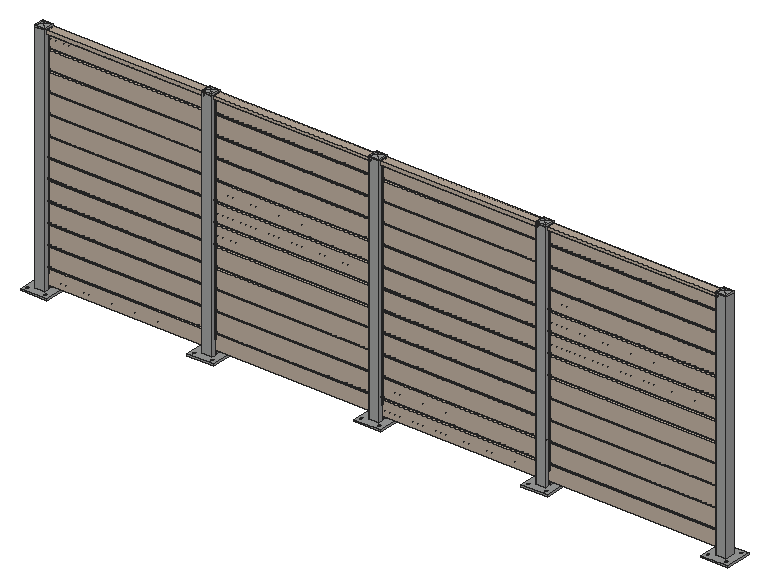
Revit family "Screening-Louver-Assembly-Array-Palmshield-Mercury_Economic-Solid-Aluminum", category Specialty Equipment, Revit 2021 (continued)
Definition of nested family "Nested-Square_Post-Palmshield-Mercury_Economic-Solid-Vinyl"
  Forms (in)
    Extrusion 4, solid, material <- "Material", visible <- "End Post"
      sketch origin (0, 0, 0) x (1, 0, 0) y (0, 1, 0)
        loop
          line (1.4375, 1.4375) -> (-1.4375, 1.4375) -> (-1.4375, 0.5625) -> (-0.9375, 0.5625) -> (-0.9375, -0.5625) -> (-1.4375, -0.5625) -> (-1.4375, -1.4375) -> (1.4375, -1.4375) -> (1.4375, 1.4375)
      from 0 to 52.86713
    Extrusion 5, void
      sketch origin (0, 0, 0) x (1, 0, 0) y (0, 1, 0)
        loop
          line (-1.5, 1.5) -> (-1.5, -1.5) -> (1.5, -1.5) -> (1.5, 1.5) -> (-1.5, 1.5)
        loop
          line (-2.25, 2.25) -> (-2.25, -2.25) -> (2.25, -2.25) -> (2.25, 2.25) -> (-2.25, 2.25)
      from -0.5 to 4.5
    Extrusion 6, solid, material <- "Material", visible <- "Corner Post Down"
      sketch origin (0, 0, 0) x (1, 0, 0) y (0, 1, 0)
        loop
          line (1.5, -1.5) -> (1.5, 1.5) -> (-1.5, 1.5) -> (-1.5, 0.5625) -> (-2, 0.5625) -> (-2, 0.5) -> (-1, 0.5) -> (-1, -0.5) -> (-2, -0.5) -> (-2, -0.5625) -> (-1.5, -0.5625) -> (-1.5, -1.5) -> (-0.5625, -1.5) -> (-0.5625, -2) -> (-0.5, -2) -> (-0.5, -1) -> (0.5, -1) -> (0.5, -2) -> (0.5625, -2) -> (0.5625, -1.5) -> (1.5, -1.5)
        loop
          line (-1.4375, -1.4375) -> (-0.5625, -1.4375) -> (-0.5625, -0.9375) -> (0.5625, -0.9375) -> (0.5625, -1.4375) -> (1.4375, -1.4375) -> (1.4375, 1.4375) -> (-1.4375, 1.4375) -> (-1.4375, 0.5625) -> (-0.9375, 0.5625) -> (-0.9375, -0.5625) -> (-1.4375, -0.5625) -> (-1.4375, -1.4375)
      from 0 to 52.86713
  Cuts and joins
    Extrusion 5 cuts Extrusion 3
    Extrusion 5 cuts Extrusion 2
    Extrusion 5 cuts Extrusion 4
    Extrusion 5 cuts Extrusion 6
  Lines and regions (in)
    reference lines
      curve 1: line (-3.81017, 0, -0.5) -> (3.68983, 0, -0.5)
      curve 2: line (-3.81017, 0, 4.5) -> (3.68983, 0, 4.5)
  Dimensions and locks (in)
    "Length": plane 4 to plane 2
    locked: plane 4 to plane 5 at 3
    locked: plane 2 to curve 1 at 0.5
    locked: curve 2 to curve 1 at 5
    aligned and locked: plane 2 to Extrusion 1
    aligned and locked: level to Extrusion 1
    aligned and locked: plane 4 to Extrusion 2
    aligned and locked: plane 4 to Extrusion 3
    aligned and locked: plane 4 to Extrusion 4
    aligned and locked: curve 1 to Extrusion 5
    aligned and locked: Extrusion 5 to curve 2
    aligned and locked: plane 4 to Extrusion 6
    aligned and locked: Extrusion 6 to plane 2
  Automatic sketch dimensions
    Extrusion 1 sketch curve to Extrusion 1 sketch curve = 8' - 0"  (x2)
    curve 2 to plane 6 = 0' - 2.31017"
    curve 1 to plane 6 = 0' - 2.31017"
    plane 7 to curve 2 = 0' - 2.18983"
    plane 7 to curve 1 = 0' - 2.18983"
    Extrusion 2 sketch curve to plane 6 = 0' - 0"  (x2)
    Extrusion 2 sketch curve to plane 7 = 0' - 0"  (x2)
    Extrusion 2 sketch curve to plane 9 = 0' - 0"
    Extrusion 2 sketch curve to plane 8 = 0' - 0"
    Extrusion 2 sketch curve to plane 6 = 0' - 0 1/2"  (x2)
    Extrusion 2 sketch curve to Extrusion 2 sketch curve = 0' - 0 1/16"  (x7)
    plane 6 to Extrusion 2 sketch curve = 0' - 0 1/16"
    Extrusion 2 sketch curve to Extrusion 2 sketch curve = 0' - 0 7/16"
    Extrusion 2 sketch curve to plane 7 = 0' - 0 9/16"
    Extrusion 2 sketch curve to plane 7 = 0' - 0 1/16"  (x2)
    plane 7 to Extrusion 2 sketch curve = 0' - 0 1/2"  (x2)
    plane 9 to Extrusion 2 sketch curve = 0' - 0 1/16"
    plane 1 "Center (Front/Back)" to Extrusion 2 sketch curve = 0' - 0 9/16"  (x4)
    Extrusion 2 sketch curve to plane 1 "Center (Front/Back)" = 0' - 0 1/2"  (x2)
    Extrusion 2 sketch curve to Extrusion 2 sketch curve = 0' - 0"  (x2)
    Extrusion 2 sketch curve to plane 8 = 0' - 0 1/16"
    Extrusion 3 sketch curve to plane 6 = 0' - 0"  (x2)
    Extrusion 3 sketch curve to plane 8 = 0' - 0"  (x2)
    Extrusion 3 sketch curve to plane 7 = 0' - 0"
    Extrusion 3 sketch curve to plane 9 = 0' - 0"
    Extrusion 3 sketch curve to plane 6 = 0' - 0 1/2"
    Extrusion 3 sketch curve to Extrusion 3 sketch curve = 0' - 0 1/2"
    plane 6 to Extrusion 3 sketch curve = 0' - 0 1/16"  (x2)
    Extrusion 3 sketch curve to Extrusion 3 sketch curve = 0' - 0 7/16"
    Extrusion 3 sketch curve to Extrusion 3 sketch curve = 0' - 0 1/16"  (x9)
    Extrusion 3 sketch curve to plane 3 "Center (Left/Right)" = 0' - 0 9/16"
    Extrusion 3 sketch curve to Extrusion 3 sketch curve = 0' - 0 3/8"  (x2)
    plane 3 "Center (Left/Right)" to Extrusion 3 sketch curve = 0' - 0 1/2"
    Extrusion 3 sketch curve to plane 8 = 0' - 0 1/16"
    Extrusion 3 sketch curve to plane 7 = 0' - 0 1/16"
    plane 9 to Extrusion 3 sketch curve = 0' - 0 1/16"
    plane 1 "Center (Front/Back)" to Extrusion 3 sketch curve = 0' - 0 9/16"
    Extrusion 3 sketch curve to Extrusion 3 sketch curve = 0' - 0"
    Extrusion 3 sketch curve to plane 1 "Center (Front/Back)" = 0' - 0 1/2"
    plane 8 to Extrusion 3 sketch curve = 0' - 0 1/2"  (x2)
    Extrusion 4 sketch curve to plane 6 = 0' - 0"  (x2)
    Extrusion 4 sketch curve to plane 7 = 0' - 0"
    Extrusion 4 sketch curve to plane 9 = 0' - 0"
    Extrusion 4 sketch curve to plane 8 = 0' - 0"
    Extrusion 4 sketch curve to Extrusion 4 sketch curve = 0' - 0 1/2"
    Extrusion 4 sketch curve to plane 6 = 0' - 0 1/2"
    plane 6 to Extrusion 4 sketch curve = 0' - 0 1/16"  (x2)
    Extrusion 4 sketch curve to Extrusion 4 sketch curve = 0' - 0 7/16"
    Extrusion 4 sketch curve to Extrusion 4 sketch curve = 0' - 0 1/16"  (x3)
    Extrusion 4 sketch curve to plane 7 = 0' - 0 1/16"
    plane 9 to Extrusion 4 sketch curve = 0' - 0 1/16"
    plane 1 "Center (Front/Back)" to Extrusion 4 sketch curve = 0' - 0 9/16"
    Extrusion 4 sketch curve to Extrusion 4 sketch curve = 0' - 0"  (x2)
    Extrusion 4 sketch curve to plane 1 "Center (Front/Back)" = 0' - 0 1/2"
    Extrusion 4 sketch curve to plane 8 = 0' - 0 1/16"
    Extrusion 5 sketch curve to plane 6 = 0' - 0"
    Extrusion 5 sketch curve to plane 7 = 0' - 0"
    Extrusion 5 sketch curve to plane 9 = 0' - 0"
    Extrusion 5 sketch curve to plane 8 = 0' - 0"
    Extrusion 5 sketch curve to plane 6 = 0' - 0 3/4"
    plane 7 to Extrusion 5 sketch curve = 0' - 0 3/4"
    Extrusion 5 sketch curve to plane 9 = 0' - 0 3/4"
    plane 8 to Extrusion 5 sketch curve = 0' - 0 3/4"
    Extrusion 6 sketch curve to plane 6 = 0' - 0"  (x2)
    Extrusion 6 sketch curve to plane 9 = 0' - 0"  (x2)
    Extrusion 6 sketch curve to plane 7 = 0' - 0"
    Extrusion 6 sketch curve to plane 8 = 0' - 0"
    Extrusion 6 sketch curve to plane 6 = 0' - 0 1/2"
    Extrusion 6 sketch curve to Extrusion 6 sketch curve = 0' - 0 1/2"  (x2)
    plane 6 to Extrusion 6 sketch curve = 0' - 0 1/16"  (x2)
    Extrusion 6 sketch curve to Extrusion 6 sketch curve = 0' - 0 7/16"  (x2)
    Extrusion 6 sketch curve to Extrusion 6 sketch curve = 0' - 0 1/16"  (x8)
    Extrusion 6 sketch curve to plane 3 "Center (Left/Right)" = 0' - 0 9/16"
    Extrusion 6 sketch curve to Extrusion 6 sketch curve = 0' - 0 3/8"  (x2)
    plane 3 "Center (Left/Right)" to Extrusion 6 sketch curve = 0' - 0 1/2"
    plane 9 to Extrusion 6 sketch curve = 0' - 0 1/16"  (x2)
    Extrusion 6 sketch curve to plane 7 = 0' - 0 1/16"
    Extrusion 6 sketch curve to plane 9 = 0' - 0 1/2"
    Extrusion 6 sketch curve to Extrusion 6 sketch curve = 0' - 0"
    Extrusion 6 sketch curve to plane 1 "Center (Front/Back)" = 0' - 0 1/2"
    Extrusion 6 sketch curve to plane 8 = 0' - 0 1/16"
Definition of nested family "Screening-Louver-Assembly-Panel-Palmshield-Mercury_Economic-Solid-Aluminum"
  Parameters (values of type "Assembly")
    Width [instance] = if(Desired Overall Width < C Min Width, C Min Width, if(Desired Overall Width > C Max Width, C Max Width, Desired Overall Width))  # 4' - 0"
    Warranty URL = "https://palmshieldlouvers.com/wp-content/uploads/2020/01/PalmSHIELD-Warranty-NO-SIGN-LINE.pdf"
    Version = "2020 - v1.0a"  # constant formula
    URL = "https://palmshieldlouvers.com/"
    Product Page URL = "https://palmshieldlouvers.com/products/mercury-eco-solid/"
    Product Documentation Link = "https://palmshieldlouvers.com/wp-content/uploads/2022/01/PalmSHIELD-Mercury-Solid-Composite-Infill-Architectural-Screening-Specifications.doc"
    Offset From Surface = 0' - 2"  # constant formula
    Model = "Mercury Economic Solid - Aluminum"  # constant formula
    Material = none
    Manufacturer Phone Number = "531-329-4406 "  # constant formula
    Manufacturer Email = "mailto: info@palmshieldlouvers.com"
    Manufacturer Address = "12330 Cary Circle, La Vista, NE 68128"  # constant formula
    Manufacturer = "PalmSHIELD"  # constant formula
    Louver Finish = none
    Keynote = "05 10 00"
    Instruction Sheet Link = "https://palmshieldlouvers.com/wp-content/uploads/2020/02/PalmSHIELD-Element-Screening-Installation-Instructions.pdf"
    ID [instance] = "Not Assigned"
    Height [instance] = if(Desired Overall Height < C Min Height, C Min Height, if(Desired Overall Height > C Max Height, C Max Height, Desired Overall Height))  # 6' - 0"
    Desired Overall Width [instance] = 4' - 0"
    Desired Overall Height [instance] = 6' - 0"
    Desired Bottom Angle [instance] = 0.00°
    Description = "Mercury Economic Solid - Aluminum - Panel Assembly"  # constant formula
    Default Elevation = 0' - 0"
    Copyright = "Copyright ©2024 The American Fence Company and PalmSHIELD. All Rights Reserved."  # constant formula
    Component Vis [instance] = yes
    Component Name [instance] = "Mercury Economic Solid - Aluminum - Panel Assembly"  # constant formula
    C Min Width [instance] = 4' - 0"  # constant formula
    C Min Height [instance] = C Min Width  # 4' - 0"
    C Max Width [instance] = 6' - 0"  # constant formula
    C Max Height [instance] = 8' - 0"  # constant formula
    C Angle [instance] = if(Desired Bottom Angle > 10.00°, 10.00°, if(Desired Bottom Angle < -10.00°, -10.00°, Desired Bottom Angle))  # 0.00°
    Assembly Code = "F1020100"
  Reference planes (in)
    plane 1 "Center (Front/Back)": y = 0
    plane 2: z = 0
    plane 3 "Center (Left/Right)": x = 0
    plane 4: z = 72
    plane 5: x = 48
    plane 6: y = 3
    plane 7: y = 1.5
  Lines and regions (in)
    reference lines
      curve 1: line (48, 0, 96.95698) -> (48, 0, -11)
      curve 2: line (-20.8931, 0, 72) -> (71.1069, 0, 72)
  Dimensions and locks (in)
    "Desired Overall Height": curve 2 to level
    "Desired Overall Width": curve 1 to plane 3 "Center (Left/Right)"
    "Height": plane 4 to level
    "Width": plane 5 to plane 3 "Center (Left/Right)"
    equal spacing: plane 1 "Center (Front/Back)", plane 7, plane 6
    aligned and locked: plane 2 to level
  Automatic sketch dimensions
    curve 2 to plane 3 "Center (Left/Right)" = 1' - 8.8931"
    plane 5 to curve 2 = 1' - 11.1069"
    curve 1 to level = 0' - 11"
    plane 4 to curve 1 = 2' - 0.95698"
  Nested families (in)
    nested 1: "Screening-Louver-Assembly-Panel-Palmshield-Mercury_Economic-Solid-Aluminum" at (0, -1.25, 0), Desired Overall Height <- "Desired Overall Height", Desired Overall Width <- "Desired Overall Width", ID <- "ID", Height <- "Height", Width <- "Width", Component Vis <- "Component Vis", type ""
      with Width 4' - 0", Louver Length 4' - 1", ID "Not Assigned", Height 6' - 0", Desired Overall Width 4' - 0", Desired Overall Height 6' - 0", Component Vis yes, Component Name "Mercury Economic Solid - Panel Assembly - Aluminum", C Top Post Length 4' - 0", C Straight Corner Angle 45.00°, C Slope Angle 0.00°, C Side Frame Width 0' - 0 7/8", C Side Adjustment 0' - 0", C Rib Thickness Bottom Offset 0' - 0", C Rib Bottom Side Offset 0' - 0", C Louver Prelim Length 5' - 0", C Louver Offset 0' - 0 1/8", C Louver Count Prelim 10, C Hip 4' - 0", C Frame Offset 0' - 0 3/8", C Desired Bottom Angle 0.00°, C Bottom Piece Cut 0' - 2 3/8", C Bottom Cut In Place Vis yes, C Bottom Cut Height Real 0' - 4 5/8", C Bottom Cut Height 0' - 4 5/8", C B-Side Post Length 6' - 0", C B-Side Angle 45.00°, C Angle 90.00°, C A-Side Post Length 6' - 0", C A-Side Angle 45.00°
    nested 2: "Nested-Louvers-Palmshield-Mercury_Economic-Solid-Aluminum" at (-0.5, 0, 6.625) x (0, 1, 0) z (1, 0, 0), type ""
      with Material none, Length 4' - 1", ID "Not Assigned", Field Cut no, Desired Cut Distance 0' - 1 3/4", Component Name "Mercury Economic Solid - Aluminum - Louvers", C Cut Distance 0' - 0 3/4"
    nested 3: "Nested-Louvers-Palmshield-Mercury_Economic-Solid-Aluminum" at (-0.5, 0, 36.625) x (0, 1, 0) z (1, 0, 0), type ""
      with Material none, Length 4' - 1", ID "Not Assigned", Field Cut no, Desired Cut Distance 0' - 1 3/4", Component Name "Mercury Economic Solid - Aluminum - Louvers", C Cut Distance 0' - 0 3/4"
    nested 4: "Nested-Louvers-Palmshield-Mercury_Economic-Solid-Aluminum" at (-0.5, 0, 42.625) x (0, 1, 0) z (1, 0, 0), type ""
      with Material none, Length 4' - 1", ID "Not Assigned", Field Cut no, Desired Cut Distance 0' - 1 3/4", Component Name "Mercury Economic Solid - Aluminum - Louvers", C Cut Distance 0' - 0 3/4"
    nested 5: "Nested-Louvers-Palmshield-Mercury_Economic-Solid-Aluminum" at (-0.5, 0, 48.625) x (0, 1, 0) z (1, 0, 0), type ""
      with Material none, Length 4' - 1", ID "Not Assigned", Field Cut no, Desired Cut Distance 0' - 1 3/4", Component Name "Mercury Economic Solid - Aluminum - Louvers", C Cut Distance 0' - 0 3/4"
    nested 6: "Nested-Louvers-Palmshield-Mercury_Economic-Solid-Aluminum" at (-0.5, 0, 54.625) x (0, 1, 0) z (1, 0, 0), type ""
      with Material none, Length 4' - 1", ID "Not Assigned", Field Cut no, Desired Cut Distance 0' - 1 3/4", Component Name "Mercury Economic Solid - Aluminum - Louvers", C Cut Distance 0' - 0 3/4"
    nested 7: "Nested-Louvers-Palmshield-Mercury_Economic-Solid-Aluminum" at (-0.5, 0, 60.625) x (0, 1, 0) z (1, 0, 0), type ""
      with Material none, Length 4' - 1", ID "Not Assigned", Field Cut no, Desired Cut Distance 0' - 1 3/4", Component Name "Mercury Economic Solid - Aluminum - Louvers", C Cut Distance 0' - 0 3/4"
    nested 8: "Nested-U_Channel-Palmshield-Mercury_Economic-Solid-Aluminum" at (-0.5, 0, 72) x (0, 1, 0) z (1, 0, 0), type ""
      with Material none, Length 4' - 1", ID "Not Assigned", Component Name "Mercury Economic Solid - Aluminum - U Channel"
    nested 9: "Nested-Louvers-Palmshield-Mercury_Economic-Solid-Aluminum" at (-0.5, 0, 66.625) x (0, 1, 0) z (1, 0, 0), type ""
      with Material none, Length 4' - 1", ID "Not Assigned", Field Cut yes, Desired Cut Distance 0' - 2 5/8", Component Name "Mercury Economic Solid - Aluminum - Louvers", C Cut Distance 0' - 2 5/8"
    nested 10: "Nested-Louvers-Palmshield-Mercury_Economic-Solid-Aluminum" at (-0.5, 0, 6.625) x (0, -1, 0) z (1, 0, 0), type ""
      with Material none, Length 4' - 1", ID "Not Assigned", Field Cut yes, Desired Cut Distance 0' - 2 3/8", Component Name "Mercury Economic Solid - Aluminum - Louvers", C Cut Distance 0' - 2 3/8"
    nested 11: "Nested-Louvers-Palmshield-Mercury_Economic-Solid-Aluminum" at (-0.5, 0, 12.625) x (0, 1, 0) z (1, 0, 0), type ""
      with Material none, Length 4' - 1", ID "Not Assigned", Field Cut no, Desired Cut Distance 0' - 1 3/4", Component Name "Mercury Economic Solid - Aluminum - Louvers", C Cut Distance 0' - 0 3/4"
    nested 12: "Nested-Louvers-Palmshield-Mercury_Economic-Solid-Aluminum" at (-0.5, 0, 18.625) x (0, 1, 0) z (1, 0, 0), type ""
      with Material none, Length 4' - 1", ID "Not Assigned", Field Cut no, Desired Cut Distance 0' - 1 3/4", Component Name "Mercury Economic Solid - Aluminum - Louvers", C Cut Distance 0' - 0 3/4"
    nested 13: "Nested-Louvers-Palmshield-Mercury_Economic-Solid-Aluminum" at (-0.5, 0, 24.625) x (0, 1, 0) z (1, 0, 0), type ""
      with Material none, Length 4' - 1", ID "Not Assigned", Field Cut no, Desired Cut Distance 0' - 1 3/4", Component Name "Mercury Economic Solid - Aluminum - Louvers", C Cut Distance 0' - 0 3/4"
    nested 14: "Nested-Louvers-Palmshield-Mercury_Economic-Solid-Aluminum" at (-0.5, 0, 30.625) x (0, 1, 0) z (1, 0, 0), type ""
      with Material none, Length 4' - 1", ID "Not Assigned", Field Cut no, Desired Cut Distance 0' - 1 3/4", Component Name "Mercury Economic Solid - Aluminum - Louvers", C Cut Distance 0' - 0 3/4"
  Definition of nested family "Nested-Louvers-Palmshield-Mercury_Economic-Solid-Aluminum"
    Parameters (values of type "6063 T6 ALUM 6" TONGUE AND GROOVE INFILL")
      Width = 0' - 6"  # constant formula
      Warranty URL = "https://palmshieldlouvers.com/wp-content/uploads/2020/01/PalmSHIELD-Warranty-NO-SIGN-LINE.pdf"
      Version = "2020 - v1.0a"  # constant formula
      URL = "https://palmshieldlouvers.com/"
      Thickness = 0' - 0 15/16"  # constant formula
      Product Page URL = "Contact Manufacturer for More Information"
      Product Documentation Link = "Contact Manufacturer for More Information"
      Model = "Mercury Economic Solid"  # constant formula
      Material [instance] = none
      Manufacturer Phone Number = "531-329-4406 "  # constant formula
      Manufacturer Fax Number = "Consult Manufacturer Website for More Information"  # constant formula
      Manufacturer Email = "mailto: info@palmshieldlouvers.com"
      Manufacturer Address = "12330 Cary Circle, La Vista, NE 68128"  # constant formula
      Manufacturer = "PalmSHIELD"  # constant formula
      Length [instance] = 4' - 4.86713"
      Keynote = "05 10 00"
      Instruction Sheet Link = "Contact Manufacturer for More Information"
      ID [instance] = ""
      Field Cut [instance] = no
      Desired Cut Distance [instance] = 0' - 1 3/4"
      Description = "Mercury Economic Solid - Louvers"  # constant formula
      Default Elevation = 4' - 0"
      Copyright = "Copyright ©2024 The American Fence Company and PalmSHIELD. All Rights Reserved."  # constant formula
      Component Name [instance] = "Mercury Economic Solid - Aluminum - Louvers"  # constant formula
      C Cut Distance [instance] = if(not(Field Cut), 0' 0 3/4", if(Field Cut, (if(Desired Cut Distance < 0' 0 3/4", 0' 0 3/4", if(Desired Cut Distance > 0' 6 3/4", 0' 6 3/4", Desired Cut Distance))), 0' 0 3/4"))  # 0' - 0 3/4"
      Assembly Code = "F1020100"
    Reference planes (in)
      plane 1 "Center (Front/Back)": y = 0
      plane 2: z = 0
      plane 3 "Center (Left/Right)": x = 0
      plane 4: z = 52.86713
      plane 5: y = 6
      plane 6: y = 7
    Forms (in)
      Extrusion 1, solid
        sketch origin (0, 0, 0) x (1, 0, 0) y (0, 1, 0)
          loop
            line (-48, 48) -> (-48, -48) -> (48, -48) -> (48, 48) -> (-48, 48)
        from 0 to -12
      Sweep 2, solid, material <- "Material", detail levels medium+fine
        path origin (0, 0, 0) x (0, 1, 0) y (0, 0, 1)
          loop
            line (0, 0) -> (0, 52.86713)
        profile "Profile-Palmshield-Louver : 6063 T6 ALUM 6" TONGUE AND GROOVE INFILL" origin (0, 0, 26.43357) x (0, -1, 0) y (1, 0, 0)
          loop
            line (-3.03125, -0.4065) -> (-3.03125, 0.4065) -> (-5.72411, 0.4065) -> (-5.9375, 0.19311) -> (-5.9375, 0.0625) -> (-5.6875, 0.0625) -> (-5.6875, -0.1875) -> (-5.94311, -0.1875) -> (-5.72411, -0.4065) -> (-3.03125, -0.4065)
          loop
            line (-0.27589, -0.4065) -> (-0.0625, -0.19311) -> (-0.0625, -0.0625) -> (-0.3125, -0.0625) -> (-0.3125, 0.1875) -> (-0.05689, 0.1875) -> (-0.27589, 0.4065) -> (-2.96875, 0.4065) -> (-2.96875, -0.4065) -> (-0.27589, -0.4065)
          loop
            line (0.25, 0) -> (-0.25, 0) -> (-0.25, 0.125) -> (0, 0.125) -> (0, 0.219) -> (-0.25, 0.469) -> (-5.75, 0.469) -> (-6, 0.219) -> (-6, 0.125) -> (-6.25, 0.125) -> (-6.25, 0) -> (-5.75, 0) -> (-5.75, -0.125) -> (-6, -0.125) -> (-6, -0.219) -> (-5.75, -0.469) -> (-0.25, -0.469) -> (0, -0.219) -> (0, -0.125) -> (0.25, -0.125) -> (0.25, 0)
      Extrusion 3, solid, material <- "Material", detail levels coarse
        sketch origin (0, 0, 0) x (1, 0, 0) y (0, 1, 0)
          loop
            line (0.469, 5.75) -> (0.219, 6) -> (0.125, 6) -> (0.125, 6.25) -> (0, 6.25) -> (0, 5.75) -> (-0.125, 5.75) -> (-0.125, 6) -> (-0.219, 6) -> (-0.469, 5.75) -> (-0.469, 0.25) -> (-0.219, 0) -> (-0.125, 0) -> (-0.125, -0.25) -> (0, -0.25) -> (0, 0.25) -> (0.125, 0.25) -> (0.125, 0) -> (0.219, 0) -> (0.469, 0.25) -> (0.469, 5.75)
        from 0 to 52.86713
      Extrusion 4, void
        sketch origin (0, 0, 0) x (1, 0, 0) y (0, 1, 0)
          loop
            line (-1.43237, 7) -> (-1.43237, 6.25) -> (1.56763, 6.25) -> (1.56763, 7) -> (-1.43237, 7)
        from 0 to 52.86713
    Cuts and joins
      Extrusion 4 cuts Extrusion 3
      Extrusion 4 cuts Sweep 2
    Lines and regions (in)
      reference lines
        curve 1: line (-3.17501, 5.25, 0) -> (4.57499, 5.25, 0)
    Dimensions and locks (in)
      "Length": plane 4 to plane 2
      Extrusion 3 to Extrusion 3 = 0' - 0.938"
      Extrusion 3 to plane 1 "Center (Front/Back)" = 0' - 6"
      "Width": plane 1 "Center (Front/Back)" to plane 5
      locked: plane 5 to plane 6 at 1
      "C Cut Distance": plane 6 to Extrusion 4 sketch curve
      "Desired Cut Distance": plane 6 to curve 1
      aligned and locked: plane 2 to Extrusion 1
      aligned and locked: level to Extrusion 1
      aligned and locked: plane 1 "Center (Front/Back)" to Sweep 2 sketch curve
      aligned and locked: plane 4 to Sweep 2 sketch curve
      aligned and locked: plane 4 to Extrusion 3
      aligned and locked: Extrusion 4 sketch curve to plane 6
      aligned and locked: plane 4 to cut or joined group of Extrusion 3, Extrusion 4
    Automatic sketch dimensions
      Extrusion 1 sketch curve to Extrusion 1 sketch curve = 8' - 0"  (x2)
      Sweep 2 sketch curve to level = 0' - 0"
      plane 1 "Center (Front/Back)" to Extrusion 3 sketch curve = 0' - 0"  (x2)
      Extrusion 3 sketch curve to plane 3 "Center (Left/Right)" = 0' - 0"  (x2)
      Extrusion 3 sketch curve to Extrusion 3 sketch curve = 0' - 0 1/8"
      Extrusion 3 sketch curve to plane 3 "Center (Left/Right)" = 0' - 0 1/8"
      Extrusion 3 sketch curve to Extrusion 3 sketch curve = 0' - 0.094"  (x4)
      Extrusion 3 sketch curve to Extrusion 3 sketch curve = 0' - 0.344"
      plane 3 "Center (Left/Right)" to Extrusion 3 sketch curve = 0' - 0 1/8"  (x2)
      Extrusion 3 sketch curve to Extrusion 3 sketch curve = 0' - 0 1/4"  (x4)
      plane 1 "Center (Front/Back)" to Extrusion 3 sketch curve = 0' - 0 1/4"
      Extrusion 3 sketch curve to plane 1 "Center (Front/Back)" = 0' - 0 1/4"  (x3)
      Extrusion 3 sketch curve to Extrusion 3 sketch curve = 0' - 5 1/2"
      Extrusion 3 sketch curve to Extrusion 3 sketch curve = 0' - 0"  (x2)
      curve 1 to plane 3 "Center (Left/Right)" = 0' - 3.17501"
      plane 3 "Center (Left/Right)" to curve 1 = 0' - 4.57499"
      Extrusion 4 sketch curve to plane 3 "Center (Left/Right)" = 0' - 1.43237"
      plane 3 "Center (Left/Right)" to Extrusion 4 sketch curve = 0' - 1.56763"
  Definition of nested family "Nested-U_Channel-Palmshield-Mercury_Economic-Solid-Aluminum"
    Parameters (values of type "6063 T6 ALUM 3" X 2" GATE FRAME U CHANNEL")
      Width = 0' - 3"  # constant formula
      Warranty URL = "https://palmshieldlouvers.com/wp-content/uploads/2020/01/PalmSHIELD-Warranty-NO-SIGN-LINE.pdf"
      Version = "2020 - v1.0a"  # constant formula
      URL = "https://palmshieldlouvers.com/"
      Thickness = 0' - 2"  # constant formula
      Product Page URL = "Contact Manufacturer for More Information"
      Product Documentation Link = "Contact Manufacturer for More Information"
      Model = "Mercury Economic Solid"  # constant formula
      Material [instance] = none
      Manufacturer Phone Number = "531-329-4406 "  # constant formula
      Manufacturer Fax Number = "Consult Manufacturer Website for More Information"  # constant formula
      Manufacturer Email = "mailto: info@palmshieldlouvers.com"
      Manufacturer Address = "12330 Cary Circle, La Vista, NE 68128"  # constant formula
      Manufacturer = "PalmSHIELD"  # constant formula
      Length [instance] = 4' - 4.86713"
      Keynote = "05 10 00"
      Instruction Sheet Link = "Contact Manufacturer for More Information"
      ID [instance] = ""
      Description = "Mercury Economic Solid - U Channel"  # constant formula
      Default Elevation = 4' - 0"
      Copyright = "Copyright ©2024 The American Fence Company and PalmSHIELD. All Rights Reserved."  # constant formula
      Component Name [instance] = "Mercury Economic Solid - Aluminum - U Channel"  # constant formula
      Assembly Code = "F1020100"
    Reference planes (in)
      plane 1 "Center (Front/Back)": y = 0
      plane 2: z = 0
      plane 3 "Center (Left/Right)": x = 0
      plane 4: z = 52.86713
    Forms (in)
      Extrusion 1, solid
        sketch origin (0, 0, 0) x (1, 0, 0) y (0, 1, 0)
          loop
            line (-48, 48) -> (-48, -48) -> (48, -48) -> (48, 48) -> (-48, 48)
        from 0 to -12
      Extrusion 2, solid, material <- "Material"
        sketch origin (0, 0, 0) x (1, 0, 0) y (0, 1, 0)
          loop
            line (-1.25, 0) -> (-1.25, -1) -> (-0.625, -1) -> (-0.625, -1.5) -> (-0.5625, -1.5) -> (-0.5625, -0.9375) -> (-1.1875, -0.9375) -> (-1.1875, -0.0625) -> (1.1875, -0.0625) -> (1.1875, -0.9375) -> (0.5625, -0.9375) -> (0.5625, -1.5) -> (0.625, -1.5) -> (0.625, -1) -> (1.25, -1) -> (1.25, 0) -> (-1.25, 0)
        from 0 to 52.86713
    Dimensions and locks (in)
      "Length": plane 4 to plane 2
      aligned and locked: plane 2 to Extrusion 1
      aligned and locked: level to Extrusion 1
      aligned and locked: plane 4 to Extrusion 2
    Automatic sketch dimensions
      Extrusion 1 sketch curve to Extrusion 1 sketch curve = 8' - 0"  (x2)
      Extrusion 2 sketch curve to Extrusion 2 sketch curve = 0' - 0 5/8"  (x2)
      Extrusion 2 sketch curve to Extrusion 2 sketch curve = 0' - 1 1/4"
      plane 1 "Center (Front/Back)" to Extrusion 2 sketch curve = 0' - 0"
      Extrusion 2 sketch curve to Extrusion 2 sketch curve = 0' - 1"  (x2)
      Extrusion 2 sketch curve to Extrusion 2 sketch curve = 0' - 0 1/2"  (x2)
      Extrusion 2 sketch curve to Extrusion 2 sketch curve = 0' - 0 1/16"  (x7)
      Extrusion 2 sketch curve to plane 3 "Center (Left/Right)" = 0' - 1 1/4"
Definition of nested family "Screening-Louver-Assembly-Post-Palmshield-Mercury_Economic-Solid"
  Parameters (values of type "Assembly")
    Warranty URL = "https://palmshieldlouvers.com/wp-content/uploads/2020/01/PalmSHIELD-Warranty-NO-SIGN-LINE.pdf"
    Version = "2020 - v1.0a"  # constant formula
    URL = "https://palmshieldlouvers.com/"
    Product Page URL = "https://palmshieldlouvers.com/products/mercury-eco-solid/"
    Product Documentation Link = "https://palmshieldlouvers.com/wp-content/uploads/2022/01/PalmSHIELD-Mercury-Solid-Composite-Infill-Architectural-Screening-Specifications.doc"
    Post Position [instance] = 1
    Model = "Mercury Economic Solid - Aluminum"  # constant formula
    Material = none
    Manufacturer Phone Number = "531-329-4406 "  # constant formula
    Manufacturer Email = "mailto: info@palmshieldlouvers.com"
    Manufacturer Address = "12330 Cary Circle, La Vista, NE 68128"  # constant formula
    Manufacturer = "PalmSHIELD"  # constant formula
    Keynote = "05 10 00"
    Instruction Sheet Link = "https://palmshieldlouvers.com/wp-content/uploads/2020/02/PalmSHIELD-Element-Screening-Installation-Instructions.pdf"
    ID [instance] = "Not Assigned"
    Height [instance] = if(Desired Overall Height < C Min Height, C Min Height, if(Desired Overall Height > C Max Height, C Max Height, Desired Overall Height))  # 6' - 0"
    Desired Overall Height [instance] = 6' - 0"
    Description = "Mercury Economic Solid - Aluminum - Square Post"  # constant formula
    Default Elevation = 0' - 0"
    Copyright = "Copyright ©2024 The American Fence Company and PalmSHIELD. All Rights Reserved."  # constant formula
    Component Vis [instance] = yes
    Component Name [instance] = "Mercury Economic Solid - Aluminum - Square Post"  # constant formula
    C Post Width = 0' - 4"  # constant formula
    C Min Height [instance] = 3' - 4"  # constant formula
    C Max Height [instance] = 8' - 0"  # constant formula
    Assembly Code = "F1020100"
  Reference planes (in)
    plane 1 "Center (Front/Back)": y = 0
    plane 2: z = 0
    plane 3 "Center (Left/Right)": x = 0
    plane 4: z = 72
    plane 5: y = 2
    plane 6: y = -2
    plane 7: x = 2
    plane 8: x = -2
  Lines and regions (in)
    reference lines
      curve 1: line (-24.29961, 0, 72) -> (24.70039, 0, 72)
  Dimensions and locks (in)
    "Desired Overall Height": curve 1 to plane 2
    "Height": plane 4 to plane 2
    equal spacing: plane 8, plane 3 "Center (Left/Right)", plane 7
    equal spacing: plane 5, plane 1 "Center (Front/Back)", plane 6
    "C Post Width": plane 5 to plane 6
    "C Post Width": plane 8 to plane 7
    aligned and locked: plane 2 to level
  Automatic sketch dimensions
    curve 1 to plane 8 = 1' - 10.29961"
    curve 1 to plane 7 = 1' - 10.70039"
  Nested families (in)
    nested 1: "Screening-Louver-Assembly-Post-Palmshield-Mercury_Economic-Solid-Composite" at (0, 0, 0), Desired Overall Height <- "Desired Overall Height", Overall Height <- "Height", ID <- "ID", Component Vis <- "Component Vis", Constraints <- "Post Position", type "Assembly"
      with Overall Height 6' - 0", ID "Not Assigned", Desired Overall Height 6' - 0", Constraints 1, Component Vis (Middle) yes, Component Vis (End) no, Component Vis (Corner) no, Component Vis yes, Component Name "Mercury Economic Solid - Composite - Post Assembly"
    nested 2: "Nested-Base_Plate-Palmshield-Mercury_Economic-Solid-Vinyl" at (0, 0, 0), type ""
      with Material none, ID "Not Assigned", Component Name "Mercury Economic Solid - Aluminum - Base Plate"
    nested 3: "Nested-Top_Cap-Palmshield-Mercury_Economic-Solid-Vinyl" at (0, 0, 72), type ""
      with Material none, ID "Not Assigned", Component Name "Mercury Economic Solid - Aluminum - Top Cap"
    nested 4: "Nested-Square_Post-Palmshield-Mercury_Economic-Solid-Vinyl" at (0, 0, 0.5), type ""
      with Post Position 1, Middle Post yes, Material none, Length 5' - 11 1/2", ID "", End Post no, Corner Post Up no, Corner Post Down no, Component Name "Mercury Economic Solid - Aluminum - Post"
  Definition of nested family "Nested-Base_Plate-Palmshield-Mercury_Economic-Solid-Vinyl"
    Parameters (values of type "8" x 8" x 1/2"")
      Width = 0' - 8"  # constant formula
      Warranty URL = "https://palmshieldlouvers.com/wp-content/uploads/2020/01/PalmSHIELD-Warranty-NO-SIGN-LINE.pdf"
      Version = "2020 - v1.0a"  # constant formula
      URL = "https://palmshieldlouvers.com/"
      Thickness = 0' - 0 1/2"  # constant formula
      Product Page URL = "Contact Manufacturer for More Information"
      Product Documentation Link = "Contact Manufacturer for More Information"
      Model = "Mercury Economic Solid"  # constant formula
      Material [instance] = none
      Manufacturer Phone Number = "531-329-4406 "  # constant formula
      Manufacturer Fax Number = "Consult Manufacturer Website for More Information"  # constant formula
      Manufacturer Email = "mailto: info@palmshieldlouvers.com"
      Manufacturer Address = "12330 Cary Circle, La Vista, NE 68128"  # constant formula
      Manufacturer = "PalmSHIELD"  # constant formula
      Keynote = "05 10 00"
      ID [instance] = ""
      Hole Diameter = 0' - 0 3/4"  # constant formula
      Description = "Mercury Economic Solid - Aluminum - Base Plate"  # constant formula
      Default Elevation = 4' - 0"
      Copyright = "©2023 The American Fence Company and PalmSHIELD. All Rights Reserved."  # constant formula
      Component Name [instance] = "Mercury Economic Solid - Aluminum - Base Plate"  # constant formula
      C Hole Offset = 0' - 1 1/4"  # constant formula
      Assembly Code = "F1020100"
    Reference planes (in)
      plane 1 "Center (Front/Back)": y = 0
      plane 2: z = 0
      plane 3 "Center (Left/Right)": x = 0
      plane 4: y = 4
      plane 5: x = 4
      plane 6: y = -4
      plane 7: x = -4
      plane 8: z = 0.5
    Forms (in)
      Extrusion 1, solid
        sketch origin (0, 0, 0) x (1, 0, 0) y (0, 1, 0)
          loop
            line (-48, 48) -> (-48, -48) -> (48, -48) -> (48, 48) -> (-48, 48)
        from 0 to -12
      Extrusion 2, solid, material <- "Material"
        sketch origin (0, 0, 0) x (1, 0, 0) y (0, 1, 0)
          loop
            line (-4, 4) -> (-4, -4) -> (4, -4) -> (4, 4) -> (-4, 4)
          loop
            circle (-2.75, 2.75) r 0.375
          loop
            circle (2.75, 2.75) r 0.375
          loop
            circle (-2.75, -2.75) r 0.375
          loop
            circle (2.75, -2.75) r 0.375
        from 0 to 0.5
    Dimensions and locks (in)
      equal spacing: plane 7, plane 3 "Center (Left/Right)", plane 5
      equal spacing: plane 4, plane 1 "Center (Front/Back)", plane 6
      "Width": plane 7 to plane 5
      "Width": plane 4 to plane 6
      "C Hole Offset": plane 7 to Extrusion 2 sketch curve  (x2)
      "C Hole Offset": Extrusion 2 sketch curve to plane 5  (x2)
      "C Hole Offset": plane 4 to Extrusion 2 sketch curve  (x2)
      "C Hole Offset": plane 6 to Extrusion 2 sketch curve  (x2)
      "Thickness": plane 8 to plane 2
      "Hole Diameter": radius of Extrusion 2 sketch curve  (x4)
      aligned and locked: plane 2 to Extrusion 1
      aligned and locked: level to Extrusion 1
      aligned and locked: Extrusion 2 sketch curve to plane 4
      aligned and locked: plane 7 to Extrusion 2 sketch curve
      aligned and locked: Extrusion 2 sketch curve to plane 6
      aligned and locked: Extrusion 2 sketch curve to plane 5
      aligned and locked: plane 8 to Extrusion 2
    Automatic sketch dimensions
      Extrusion 1 sketch curve to Extrusion 1 sketch curve = 8' - 0"  (x2)
  Definition of nested family "Nested-Top_Cap-Palmshield-Mercury_Economic-Solid-Vinyl"
    Parameters (values of type "3" x 3" x 3/4"")
      Width = 0' - 3"  # constant formula
      Warranty URL = "https://palmshieldlouvers.com/wp-content/uploads/2020/01/PalmSHIELD-Warranty-NO-SIGN-LINE.pdf"
      Version = "2020 - v1.0a"  # constant formula
      URL = "https://palmshieldlouvers.com/"
      Thickness = 0' - 0 3/4"  # constant formula
      Product Page URL = "Contact Manufacturer for More Information"
      Product Documentation Link = "Contact Manufacturer for More Information"
      Model = "Mercury Economic Solid"  # constant formula
      Material [instance] = none
      Manufacturer Phone Number = "531-329-4406 "  # constant formula
      Manufacturer Fax Number = "Consult Manufacturer Website for More Information"  # constant formula
      Manufacturer Email = "mailto: info@palmshieldlouvers.com"
      Manufacturer Address = "12330 Cary Circle, La Vista, NE 68128"  # constant formula
      Manufacturer = "PalmSHIELD"  # constant formula
      Keynote = "05 10 00"
      ID [instance] = ""
      Description = "Mercury Economic Solid - Aluminum - Top Cap"  # constant formula
      Default Elevation = 4' - 0"
      Copyright = "©2023 The American Fence Company and PalmSHIELD. All Rights Reserved."  # constant formula
      Component Name [instance] = "Mercury Economic Solid - Aluminum - Top Cap"  # constant formula
      Assembly Code = "F1020100"
    Reference planes (in)
      plane 1 "Center (Front/Back)": y = 0
      plane 2: z = 0
      plane 3 "Center (Left/Right)": x = 0
    Forms (in)
      Extrusion 1, solid
        sketch origin (0, 0, 0) x (1, 0, 0) y (0, 1, 0)
          loop
            line (-48, 48) -> (-48, -48) -> (48, -48) -> (48, 48) -> (-48, 48)
        from 0 to -12
      Extrusion 2, solid, material <- "Material"
        sketch origin (0, 0, 0) x (1, 0, 0) y (0, 0, 1)
          loop
            line (-1.5, 0.375) -> (-1.5, 0) -> (1.5, 0) -> (1.5, 0.375) -> (-1.5, 0.375)
        from -1.5 to 1.5
      Extrusion 3, solid, material <- "Material"
        sketch origin (0, 0, 0.375) x (1, 0, 0) y (0, 0, 1)
          loop
            line (-1.5, 0.375) -> (-1.5, 0) -> (1.5, 0) -> (1.5, 0.375) -> (-1.5, 0.375)
        from -1.5 to 1.5
      Extrusion 4, void
        sketch origin (0, 0, 0) x (1, 0, 0) y (0, 0, 1)
          loop
            line (-1.5, 0.375) -> (0, 0.75) -> (1.5, 0.375) -> (1.5, 1.19559) -> (-1.5, 1.19559) -> (-1.5, 0.375)
        from -1.71068 to 1.80879
      Extrusion 5, void
        sketch origin (0, 0, 0) x (0, -1, 0) y (0, 0, -1)
          loop
            line (-1.5, -0.375) -> (-1.5, -1.19559) -> (1.5, -1.19559) -> (1.5, -0.375) -> (0, -0.75) -> (-1.5, -0.375)
        from -1.71068 to 1.80879
    Cuts and joins
      Extrusion 4, Extrusion 5 cuts Extrusion 3
    Dimensions and locks (in)
      aligned and locked: plane 2 to Extrusion 1
      aligned and locked: level to Extrusion 1
  Definition of nested family "Nested-Square_Post-Palmshield-Mercury_Economic-Solid-Vinyl"
    Parameters (values of type "6063 T6 ALUM 3" X 3" POSTS")
      Width = 0' - 3"  # constant formula
      Warranty URL = "https://palmshieldlouvers.com/wp-content/uploads/2020/01/PalmSHIELD-Warranty-NO-SIGN-LINE.pdf"
      Version = "2020 - v1.0a"  # constant formula
      URL = "https://palmshieldlouvers.com/"
      Thickness = 0' - 0 1/16"  # constant formula
      Product Page URL = "Contact Manufacturer for More Information"
      Product Documentation Link = "Contact Manufacturer for More Information"
      Post Position [instance] = 3
      Model = "Mercury Economic Solid"  # constant formula
      Middle Post [instance] = Post Position = 1  # no
      Material [instance] = none
      Manufacturer Phone Number = "531-329-4406 "  # constant formula
      Manufacturer Fax Number = "Consult Manufacturer Website for More Information"  # constant formula
      Manufacturer Email = "mailto: info@palmshieldlouvers.com"
      Manufacturer Address = "12330 Cary Circle, La Vista, NE 68128"  # constant formula
      Manufacturer = "PalmSHIELD"  # constant formula
      Length [instance] = 4' - 4.86713"
      Keynote = "05 10 00"
      ID [instance] = ""
      End Post [instance] = Post Position = 2  # no
      Description = "Mercury Economic Solid - Aluminum - Post"  # constant formula
      Default Elevation = 4' - 0"
      Corner Post Up [instance] = Post Position = 3  # yes
      Corner Post Down [instance] = Post Position = 4  # no
      Copyright = "©2023 The American Fence Company and PalmSHIELD. All Rights Reserved."  # constant formula
      Component Name [instance] = "Mercury Economic Solid - Aluminum - Post"  # constant formula
      Assembly Code = "F1020100"
    Reference planes (in)
      plane 1 "Center (Front/Back)": y = 0
      plane 2: z = 0
      plane 3 "Center (Left/Right)": x = 0
      plane 4: z = 52.86713
      plane 5: z = 49.86713
      plane 6: x = -1.5
      plane 7: x = 1.5
      plane 8: y = 1.5
      plane 9: y = -1.5
    Forms (in)
      Extrusion 1, solid
        sketch origin (0, 0, 0) x (1, 0, 0) y (0, 1, 0)
          loop
            line (-48, 48) -> (-48, -48) -> (48, -48) -> (48, 48) -> (-48, 48)
        from 0 to -12
      Extrusion 2, solid, material <- "Material", visible <- "Middle Post"
        sketch origin (0, 0, 0) x (1, 0, 0) y (0, 1, 0)
          loop
            line (1.5, 1.5) -> (-1.5, 1.5) -> (-1.5, 0.5625) -> (-2, 0.5625) -> (-2, 0.5) -> (-1, 0.5) -> (-1, -0.5) -> (-2, -0.5) -> (-2, -0.5625) -> (-1.5, -0.5625) -> (-1.5, -1.5) -> (1.5, -1.5) -> (1.5, -0.5625) -> (2, -0.5625) -> (2, -0.5) -> (1, -0.5) -> (1, 0.5) -> (2, 0.5) -> (2, 0.5625) -> (1.5, 0.5625) -> (1.5, 1.5)
          loop
            line (-1.4375, 1.4375) -> (-1.4375, 0.5625) -> (-0.9375, 0.5625) -> (-0.9375, -0.5625) -> (-1.4375, -0.5625) -> (-1.4375, -1.4375) -> (1.4375, -1.4375) -> (1.4375, -0.5625) -> (0.9375, -0.5625) -> (0.9375, 0.5625) -> (1.4375, 0.5625) -> (1.4375, 1.4375) -> (-1.4375, 1.4375)
        from 0 to 52.86713
      Extrusion 3, solid, material <- "Material", visible <- "Corner Post Up"
        sketch origin (0, 0, 0) x (1, 0, 0) y (0, 1, 0)
          loop
            line (1.5, 1.5) -> (0.5625, 1.5) -> (0.5625, 2) -> (0.5, 2) -> (0.5, 1) -> (-0.5, 1) -> (-0.5, 2) -> (-0.5625, 2) -> (-0.5625, 1.5) -> (-1.5, 1.5) -> (-1.5, 0.5625) -> (-2, 0.5625) -> (-2, 0.5) -> (-1, 0.5) -> (-1, -0.5) -> (-2, -0.5) -> (-2, -0.5625) -> (-1.5, -0.5625) -> (-1.5, -1.5) -> (1.5, -1.5) -> (1.5, 1.5)
          loop
            line (-1.4375, 1.4375) -> (-1.4375, 0.5625) -> (-0.9375, 0.5625) -> (-0.9375, -0.5625) -> (-1.4375, -0.5625) -> (-1.4375, -1.4375) -> (1.4375, -1.4375) -> (1.4375, 1.4375) -> (0.5625, 1.4375) -> (0.5625, 0.9375) -> (-0.5625, 0.9375) -> (-0.5625, 1.4375) -> (-1.4375, 1.4375)
        from 0 to 52.86713
      Extrusion 4, solid, material <- "Material", visible <- "End Post"
        sketch origin (0, 0, 0) x (1, 0, 0) y (0, 1, 0)
          loop
            line (-1.5, 1.5) -> (-1.5, 0.5625) -> (-2, 0.5625) -> (-2, 0.5) -> (-1, 0.5) -> (-1, -0.5) -> (-2, -0.5) -> (-2, -0.5625) -> (-1.5, -0.5625) -> (-1.5, -1.5) -> (1.5, -1.5) -> (1.5, 1.5) -> (-1.5, 1.5)
          loop
            line (1.4375, 1.4375) -> (-1.4375, 1.4375) -> (-1.4375, 0.5625) -> (-0.9375, 0.5625) -> (-0.9375, -0.5625) -> (-1.4375, -0.5625) -> (-1.4375, -1.4375) -> (1.4375, -1.4375) -> (1.4375, 1.4375)
        from 0 to 52.86713
      Extrusion 5, void
        sketch origin (0, 0, 0) x (1, 0, 0) y (0, 1, 0)
          loop
            line (-1.5, 1.5) -> (-1.5, -1.5) -> (1.5, -1.5) -> (1.5, 1.5) -> (-1.5, 1.5)
          loop
            line (-2.25, 2.25) -> (-2.25, -2.25) -> (2.25, -2.25) -> (2.25, 2.25) -> (-2.25, 2.25)
        from -0.5 to 4.5
      Extrusion 6, solid, material <- "Material", visible <- "Corner Post Down"
        sketch origin (0, 0, 0) x (1, 0, 0) y (0, 1, 0)
          loop
            line (1.5, -1.5) -> (1.5, 1.5) -> (-1.5, 1.5) -> (-1.5, 0.5625) -> (-2, 0.5625) -> (-2, 0.5) -> (-1, 0.5) -> (-1, -0.5) -> (-2, -0.5) -> (-2, -0.5625) -> (-1.5, -0.5625) -> (-1.5, -1.5) -> (-0.5625, -1.5) -> (-0.5625, -2) -> (-0.5, -2) -> (-0.5, -1) -> (0.5, -1) -> (0.5, -2) -> (0.5625, -2) -> (0.5625, -1.5) -> (1.5, -1.5)
          loop
            line (-1.4375, -1.4375) -> (-0.5625, -1.4375) -> (-0.5625, -0.9375) -> (0.5625, -0.9375) -> (0.5625, -1.4375) -> (1.4375, -1.4375) -> (1.4375, 1.4375) -> (-1.4375, 1.4375) -> (-1.4375, 0.5625) -> (-0.9375, 0.5625) -> (-0.9375, -0.5625) -> (-1.4375, -0.5625) -> (-1.4375, -1.4375)
        from 0 to 52.86713
    Cuts and joins
      Extrusion 5 cuts Extrusion 3
      Extrusion 5 cuts Extrusion 2
      Extrusion 5 cuts Extrusion 4
      Extrusion 5 cuts Extrusion 6
    Lines and regions (in)
      reference lines
        curve 1: line (-3.81017, 0, -0.5) -> (3.68983, 0, -0.5)
        curve 2: line (-3.81017, 0, 4.5) -> (3.68983, 0, 4.5)
    Dimensions and locks (in)
      "Length": plane 4 to plane 2
      locked: plane 4 to plane 5 at 3
      locked: plane 2 to curve 1 at 0.5
      locked: curve 2 to curve 1 at 5
      aligned and locked: plane 2 to Extrusion 1
      aligned and locked: level to Extrusion 1
      aligned and locked: plane 4 to Extrusion 2
      aligned and locked: plane 4 to Extrusion 3
      aligned and locked: plane 4 to Extrusion 4
      aligned and locked: curve 1 to Extrusion 5
      aligned and locked: Extrusion 5 to curve 2
      aligned and locked: plane 4 to Extrusion 6
      aligned and locked: Extrusion 6 to plane 2
    Automatic sketch dimensions
      Extrusion 1 sketch curve to Extrusion 1 sketch curve = 8' - 0"  (x2)
      curve 2 to plane 6 = 0' - 2.31017"
      curve 1 to plane 6 = 0' - 2.31017"
      plane 7 to curve 2 = 0' - 2.18983"
      plane 7 to curve 1 = 0' - 2.18983"
      Extrusion 2 sketch curve to plane 6 = 0' - 0"  (x2)
      Extrusion 2 sketch curve to plane 7 = 0' - 0"  (x2)
      Extrusion 2 sketch curve to plane 9 = 0' - 0"
      Extrusion 2 sketch curve to plane 8 = 0' - 0"
      Extrusion 2 sketch curve to plane 6 = 0' - 0 1/2"  (x2)
      Extrusion 2 sketch curve to Extrusion 2 sketch curve = 0' - 0 1/16"  (x7)
      plane 6 to Extrusion 2 sketch curve = 0' - 0 1/16"
      Extrusion 2 sketch curve to Extrusion 2 sketch curve = 0' - 0 7/16"
      Extrusion 2 sketch curve to plane 7 = 0' - 0 9/16"
      Extrusion 2 sketch curve to plane 7 = 0' - 0 1/16"  (x2)
      plane 7 to Extrusion 2 sketch curve = 0' - 0 1/2"  (x2)
      plane 9 to Extrusion 2 sketch curve = 0' - 0 1/16"
      plane 1 "Center (Front/Back)" to Extrusion 2 sketch curve = 0' - 0 9/16"  (x4)
      Extrusion 2 sketch curve to plane 1 "Center (Front/Back)" = 0' - 0 1/2"  (x2)
      Extrusion 2 sketch curve to Extrusion 2 sketch curve = 0' - 0"  (x2)
      Extrusion 2 sketch curve to plane 8 = 0' - 0 1/16"
      Extrusion 3 sketch curve to plane 6 = 0' - 0"  (x2)
      Extrusion 3 sketch curve to plane 8 = 0' - 0"  (x2)
      Extrusion 3 sketch curve to plane 7 = 0' - 0"
      Extrusion 3 sketch curve to plane 9 = 0' - 0"
      Extrusion 3 sketch curve to plane 6 = 0' - 0 1/2"
      Extrusion 3 sketch curve to Extrusion 3 sketch curve = 0' - 0 1/2"
      plane 6 to Extrusion 3 sketch curve = 0' - 0 1/16"  (x2)
      Extrusion 3 sketch curve to Extrusion 3 sketch curve = 0' - 0 7/16"
      Extrusion 3 sketch curve to Extrusion 3 sketch curve = 0' - 0 1/16"  (x9)
      Extrusion 3 sketch curve to plane 3 "Center (Left/Right)" = 0' - 0 9/16"
      Extrusion 3 sketch curve to Extrusion 3 sketch curve = 0' - 0 3/8"  (x2)
      plane 3 "Center (Left/Right)" to Extrusion 3 sketch curve = 0' - 0 1/2"
      Extrusion 3 sketch curve to plane 8 = 0' - 0 1/16"
      Extrusion 3 sketch curve to plane 7 = 0' - 0 1/16"
      plane 9 to Extrusion 3 sketch curve = 0' - 0 1/16"
      plane 1 "Center (Front/Back)" to Extrusion 3 sketch curve = 0' - 0 9/16"
      Extrusion 3 sketch curve to Extrusion 3 sketch curve = 0' - 0"
      Extrusion 3 sketch curve to plane 1 "Center (Front/Back)" = 0' - 0 1/2"
      plane 8 to Extrusion 3 sketch curve = 0' - 0 1/2"  (x2)
      Extrusion 4 sketch curve to plane 6 = 0' - 0"  (x2)
      Extrusion 4 sketch curve to plane 7 = 0' - 0"
      Extrusion 4 sketch curve to plane 9 = 0' - 0"
      Extrusion 4 sketch curve to plane 8 = 0' - 0"
      Extrusion 4 sketch curve to Extrusion 4 sketch curve = 0' - 0 1/2"
      Extrusion 4 sketch curve to plane 6 = 0' - 0 1/2"
      plane 6 to Extrusion 4 sketch curve = 0' - 0 1/16"  (x2)
      Extrusion 4 sketch curve to Extrusion 4 sketch curve = 0' - 0 7/16"
      Extrusion 4 sketch curve to Extrusion 4 sketch curve = 0' - 0 1/16"  (x3)
      Extrusion 4 sketch curve to plane 7 = 0' - 0 1/16"
      plane 9 to Extrusion 4 sketch curve = 0' - 0 1/16"
      plane 1 "Center (Front/Back)" to Extrusion 4 sketch curve = 0' - 0 9/16"
      Extrusion 4 sketch curve to Extrusion 4 sketch curve = 0' - 0"  (x2)
      Extrusion 4 sketch curve to plane 1 "Center (Front/Back)" = 0' - 0 1/2"
      Extrusion 4 sketch curve to plane 8 = 0' - 0 1/16"
      Extrusion 5 sketch curve to plane 6 = 0' - 0"
      Extrusion 5 sketch curve to plane 7 = 0' - 0"
      Extrusion 5 sketch curve to plane 9 = 0' - 0"
      Extrusion 5 sketch curve to plane 8 = 0' - 0"
      Extrusion 5 sketch curve to plane 6 = 0' - 0 3/4"
      plane 7 to Extrusion 5 sketch curve = 0' - 0 3/4"
      Extrusion 5 sketch curve to plane 9 = 0' - 0 3/4"
      plane 8 to Extrusion 5 sketch curve = 0' - 0 3/4"
      Extrusion 6 sketch curve to plane 6 = 0' - 0"  (x2)
      Extrusion 6 sketch curve to plane 9 = 0' - 0"  (x2)
      Extrusion 6 sketch curve to plane 7 = 0' - 0"
      Extrusion 6 sketch curve to plane 8 = 0' - 0"
      Extrusion 6 sketch curve to plane 6 = 0' - 0 1/2"
      Extrusion 6 sketch curve to Extrusion 6 sketch curve = 0' - 0 1/2"  (x2)
      plane 6 to Extrusion 6 sketch curve = 0' - 0 1/16"  (x2)
      Extrusion 6 sketch curve to Extrusion 6 sketch curve = 0' - 0 7/16"  (x2)
      Extrusion 6 sketch curve to Extrusion 6 sketch curve = 0' - 0 1/16"  (x8)
      Extrusion 6 sketch curve to plane 3 "Center (Left/Right)" = 0' - 0 9/16"
      Extrusion 6 sketch curve to Extrusion 6 sketch curve = 0' - 0 3/8"  (x2)
      plane 3 "Center (Left/Right)" to Extrusion 6 sketch curve = 0' - 0 1/2"
      plane 9 to Extrusion 6 sketch curve = 0' - 0 1/16"  (x2)
      Extrusion 6 sketch curve to plane 7 = 0' - 0 1/16"
      Extrusion 6 sketch curve to plane 9 = 0' - 0 1/2"
      Extrusion 6 sketch curve to Extrusion 6 sketch curve = 0' - 0"
      Extrusion 6 sketch curve to plane 1 "Center (Front/Back)" = 0' - 0 1/2"
      Extrusion 6 sketch curve to plane 8 = 0' - 0 1/16"
